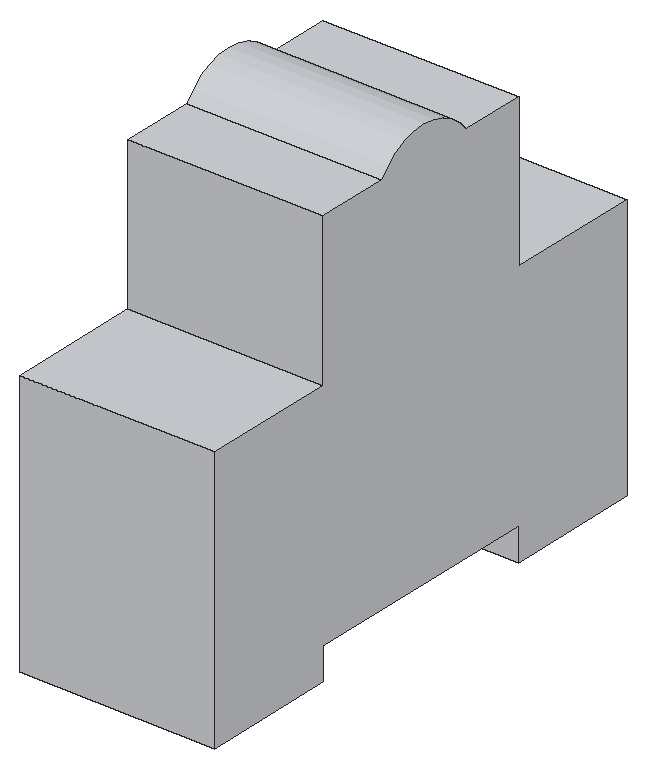
Revit family "Power-ModularDevices-GEWISS-90AM-SPD_TYPE2_1PN", category Apparecchi elettrici, host Superficie, Revit 2016
Family settings
  Host = Superficie
  Mantenere orientamento annotazione = Sì
  Tipo di parte = Normale
  Quota connettore circolare = Usa diametro
  Numero OmniClass = 23.80.50.00
  Titolo OmniClass = Terminals for Power Supply
  Taglio con vuoti quando caricato = No
  Condiviso = No
  Punto di calcolo locali = Sì
Parameters (values of type "GWD6418 - LST - SPD 1P+N 40KA AUX. T2")
  potenza in watt = 0 V
  carico = Altro
  Version file RFA = "18.0"
  URL = "https://www.gewiss.com/ww/en"
  Type: = "2"
  Type = "2"
  Technical sheet = "https://www.gewiss.com/ww/en/search?q=GWD6418"
  Spostamento_x = -340 mm
  SS [instance] = 69.967 mm
  SEO = "Limiter"
  Realized by GEWISS S.p.A. = ""
  Rated voltage AC = "230V"
  Rated voltage = "230Vac"
  Default Elevation = 1219.2 mm
  Produttore = "GEWISS S.p.A."
  Numero di poli = 1
  Spost_x_eff [instance] = 4000 mm + Spostamento_x  # 3660 mm
  Number of poles = "1P+N"
  No. of poles = "1P+N"
  No. of modules EN 50022 = "2"
  No. Chorus modules = "2"
  Modello = "GWD6418"
  Maximum discharge current: = "40KA"
  Immagine tipo = GWD6407.jpg
  IFC.TypeObject = ""
  IFC.ExportType = ""
  IFC.ExportAs = ""
  IDT = "fe1e984c-5491-4d5b-93ee-6502594b4586"
  IDF = "7729b77d-9e49-4fa8-a4b9-cbce93b88dd9"
  Electrocod = "0642"
  EAN code = "8011564774902"
  Descrizione = "LST - SPD 1P+N 40KA AUX. T2"
  Catalogue Range = "90 AM"
  Catalogue = "POWER"
  COBie.Tagnumber = ""
  COBie.CreatedOn = ""
  COBie.CreatebBy = ""
  COBie.ComponentRegisterItemID = ""
  COBie.Component.TagNumber = ""
  COBie.Component.Space = ""
  COBie.Component.SerialNumber = ""
  COBie.Component.InstallationDate = ""
  COBie.Component.Description = ""
  COBie.Component.BarCode = ""
  Barra_DIN [instance] = 0 mm
  Aux end-of-life contact = "Yes"
Types (4, lengths in mm): name | URL | Technical sheet | Produttore | Modello | Maximum discharge current: | IDT | EAN code | Descrizione | Aux end-of-life contact
  (no name) | 0 | "" | "GEWISS" | "GWD6407" | "" | "" | "" | "LST - SCARICATORE 1P+N 20kA T2" | ""
  GWD6418 - LST - SPD 1P+N 40KA AUX. T2 | "https://www.gewiss.com/ww/en" | "https://www.gewiss.com/ww/en/search?q=GWD6418" | "GEWISS S.p.A." | "GWD6418" | "40KA" | "fe1e984c-5491-4d5b-93ee-6502594b4586" | "8011564774902" | "LST - SPD 1P+N 40KA AUX. T2" | "Yes"
  GWD6417 - LST - SPD 1P+N 40KA T2 | "https://www.gewiss.com/ww/en" | "https://www.gewiss.com/ww/en/search?q=GWD6417" | "GEWISS S.p.A." | "GWD6417" | "40KA" | "6c8fea8b-931d-4a40-bb76-78510f17ab37" | "8011564774896" | "LST - SPD 1P+N 40KA T2" | "No"
  GWD6407 - LST - SPD 1P+N 20KA T2 | "https://www.gewiss.com/ww/en" | "https://www.gewiss.com/ww/en/search?q=GWD6407" | "GEWISS S.p.A." | "GWD6407" | "20KA" | "dcd9366e-522d-467e-8ce6-0e1c7afb9e4f" | "8011564774841" | "LST - SPD 1P+N 20KA T2" | "No"
Values of the unnamed type that differ from the named types
  Version file RFA = ""
  Type: = ""
  Type = ""
  SEO = ""
  Rated voltage AC = ""
  Rated voltage = ""
  Number of poles = ""
  No. of poles = ""
  No. of modules EN 50022 = ""
  No. Chorus modules = ""
  IDF = ""
  Electrocod = ""
  Catalogue Range = ""
  Catalogue = ""
Reference planes
  plane 1 "Centro (Fronte/Retro)": y = 0
  plane 2: z = 0
  plane 3 "Centro (Sinistra/Destra)": x = 0
  plane 4: z = 0
Dimensions and locks
  "Barra_DIN": host face to plane 4
  aligned and locked: plane 2 to host face
  aligned and locked: level to host face
  aligned and locked: plane 3 "Centro (Sinistra/Destra)" to nested 1
  aligned and locked: plane 1 "Centro (Fronte/Retro)" to nested 1
Automatic sketch dimensions
  host sketch curve to host sketch curve = 6519.2 mm
  host sketch curve to host sketch curve = 4328.142 mm
Nested families
  nested 1: "GENERICO - 90AM SCARICATORI LST TIPO 2 1P+N" at (0, 0, 7), type "GENERICO - 90AM SCARICATORI LST TIPO 2 1P+N"
  nested 2: "SCAR" at (0, 62.467, 0), type "SCAR"
Connectors
  electrical at (0, 47.5, 25.5)
    settings: on nested 1, index 1, voltage 230 V, apparent load 0 VA, apparent load phase1 0 VA, apparent load phase2 0 VA, apparent load phase3 0 VA, power factor 1, load classification "Altro", number of poles 1, system type 31, power factor state 1, is connector primary yes, connector utility no, sub classification motor no, connector description ""
Definition of nested family "GENERICO - 90AM SCARICATORI LST TIPO 2 1P+N"
  Parameters (values of type "GENERICO - 90AM SCARICATORI LST TIPO 2 1P+N")
    h_barra din = if(Altezza barre = 1 mm, 69.9 mm, if(Altezza barre = 2 mm, 115.8 mm, 0 mm))  # 0 mm
    Default Elevation = 1219.2 mm
    H = if(AB_O = 1, AB_V, if(AB_O = 2, AB_H, 50.8 mm))  # 50.8 mm
    Dist barra din = 0 mm  # constant formula
    C1 = 49 mm  # constant formula
    C = 70 mm  # constant formula
    B = 95 mm  # constant formula
    Altezza barre = 5 mm  # constant formula
    AB_V = 3 mm  # constant formula
    AB_H = 5 mm  # constant formula
    AB_O = 0  # constant formula
    A = 36 mm  # constant formula
  Reference planes
    plane 1 "Centro (Fronte/Retro)": y = 0
    plane 2: z = 0
    plane 3 "Centro (Sinistra/Destra)": x = 0
    plane 4: y = -47.5
    plane 5: y = 47.5
    plane 6: z = 0
    plane 7: z = -6
    plane 8 "top": z = 70
    plane 9 "incasso": z = 43
    plane 10: y = -22.5
    plane 11: y = 22.5
    plane 12: x = -18
    plane 13: x = 18
    plane 14: through (4267.2, -42.5, 9) normal (0, -0.1901, 0.9818)
    plane 15 "POSIZIONE": z = 71
    plane 16: y = 10.353
    plane 17: y = -8.889
    plane 18: through (-18, -1524, 18.5) normal (-0.891, 0, -0.454)
    plane 19: through (-36.892, 84.001, 1200) normal (0.9205, -0.3907, 0)
    plane 20: through (63.319, -123.627, 1200) normal (-0.9925, 0.1219, 0)
  Forms (mm)
    Extrusion 1, solid
      sketch origin (0, 0, 0) x (0, 1, 0) y (0, 0, 1)
        loop
          line (-22.5, 0) -> (22.5, 0) -> (22.5, -6) -> (47.5, -6) -> (47.5, 43) -> (22.5, 43) -> (22.5, 71) -> (10.353, 71)
          arc (10.353, 71) -> (0.732, 76.023) -> (-8.889, 71) r 11.726
          line (-8.889, 71) -> (-22.5, 71) -> (-22.5, 43) -> (-47.5, 43) -> (-47.5, -6) -> (-22.5, -6) -> (-22.5, 0)
      from -18 to 18
  Lines and regions (mm)
    symbolic lines
      curve 1: line (0, 0, 15) -> (0, 0, -6)
      curve 2: line (0, -22.5, 0) -> (0, 22.5, 0)
    model lines, detail levels medium+fine
      curve 3: circle (9.419, 35.762, 43) r 3.324 normal (0, 0, 1)
      curve 4: circle (-8.5, -40.632, 43) r 3.197 normal (0, 0, 1)
      curve 90: line (13.842, 14.237, 71) -> (13.842, 18.61, 71)
      curve 91: line (13.842, 18.61, 71) -> (3.658, 18.61, 71)
      curve 92: line (3.658, 18.61, 71) -> (3.658, 14.237, 71)
      curve 93: line (3.658, 14.237, 71) -> (13.842, 14.237, 71)
      curve 100: circle (-9.209, 35.762, 43) r 3.324 normal (0, 0, 1)
    model lines, detail levels fine
      curve 5: line (-14.812, -19.942, 71) -> (-14.812, -21.523, 71)
      curve 6: line (-14.812, -21.523, 71) -> (-15.342, -21.523, 71)
      curve 7: line (-15.342, -21.523, 71) -> (-15.649, -21.485, 71)
      curve 8: line (-15.649, -21.485, 71) -> (-16.025, -21.318, 71)
      curve 9: line (-16.025, -21.318, 71) -> (-16.324, -21.041, 71)
      curve 10: line (-16.324, -21.041, 71) -> (-16.521, -20.668, 71)
      curve 11: line (-16.521, -20.668, 71) -> (-16.583, -20.27, 71)
      curve 12: line (-16.583, -20.27, 71) -> (-16.523, -19.904, 71)
      curve 13: line (-16.523, -19.904, 71) -> (-16.365, -19.58, 71)
      curve 14: line (-16.365, -19.58, 71) -> (-16.08, -19.285, 71)
      curve 15: line (-16.08, -19.285, 71) -> (-15.735, -19.106, 71)
      curve 16: line (-15.735, -19.106, 71) -> (-15.347, -19.042, 71)
      curve 17: line (-15.347, -19.042, 71) -> (-14.812, -19.042, 71)
      curve 18: line (-14.812, -19.042, 71) -> (-14.812, -19.724, 71)
      curve 19: line (-14.812, -19.724, 71) -> (-15.712, -19.724, 71)
      curve 20: line (-15.712, -19.724, 71) -> (-15.712, -20.842, 71)
      curve 21: line (-15.712, -20.842, 71) -> (-15.493, -20.842, 71)
      curve 22: line (-15.493, -20.842, 71) -> (-15.493, -19.942, 71)
      curve 23: line (-15.493, -19.942, 71) -> (-14.812, -19.942, 71)
      curve 24: line (-12.672, -21.523, 71) -> (-14.594, -21.523, 71)
      curve 25: line (-14.594, -21.523, 71) -> (-14.594, -19.042, 71)
      curve 26: line (-14.594, -19.042, 71) -> (-13.572, -19.042, 71)
      curve 27: line (-13.572, -19.042, 71) -> (-13.572, -19.724, 71)
      curve 28: line (-13.572, -19.724, 71) -> (-13.913, -19.724, 71)
      curve 29: line (-13.913, -19.724, 71) -> (-13.913, -19.942, 71)
      curve 30: line (-13.913, -19.942, 71) -> (-12.672, -19.942, 71)
      curve 31: line (-12.672, -19.942, 71) -> (-12.672, -20.624, 71)
      curve 32: line (-12.672, -20.624, 71) -> (-13.913, -20.624, 71)
      curve 33: line (-13.913, -20.624, 71) -> (-13.913, -20.842, 71)
      curve 34: line (-13.913, -20.842, 71) -> (-12.672, -20.842, 71)
      curve 35: line (-12.672, -20.842, 71) -> (-12.672, -21.523, 71)
      curve 36: line (-9.196, -21.523, 71) -> (-9.196, -19.942, 71)
      curve 37: line (-9.196, -19.942, 71) -> (-9.878, -19.942, 71)
      curve 38: line (-9.878, -19.942, 71) -> (-9.878, -21.523, 71)
      curve 39: line (-9.878, -21.523, 71) -> (-9.196, -21.523, 71)
      curve 40: line (-11.48, -21.523, 71) -> (-11.275, -20.501, 71)
      curve 41: line (-11.275, -20.501, 71) -> (-11.071, -21.523, 71)
      curve 42: line (-11.071, -21.523, 71) -> (-10.389, -21.523, 71)
      curve 43: line (-10.389, -21.523, 71) -> (-9.966, -19.724, 71)
      curve 44: line (-9.966, -19.724, 71) -> (-9.196, -19.724, 71)
      curve 45: line (-9.196, -19.724, 71) -> (-9.196, -19.042, 71)
      curve 46: line (-9.196, -19.042, 71) -> (-10.505, -19.042, 71)
      curve 47: line (-10.505, -19.042, 71) -> (-10.75, -20.092, 71)
      curve 48: line (-10.75, -20.092, 71) -> (-10.921, -19.042, 71)
      curve 49: line (-10.921, -19.042, 71) -> (-11.63, -19.042, 71)
      curve 50: line (-11.63, -19.042, 71) -> (-11.8, -20.092, 71)
      curve 51: line (-11.8, -20.092, 71) -> (-12.045, -19.042, 71)
      curve 52: line (-12.045, -19.042, 71) -> (-13.354, -19.042, 71)
      curve 53: line (-13.354, -19.042, 71) -> (-13.354, -19.724, 71)
      curve 54: line (-13.354, -19.724, 71) -> (-12.584, -19.724, 71)
      curve 55: line (-12.584, -19.724, 71) -> (-12.162, -21.523, 71)
      curve 56: line (-12.162, -21.523, 71) -> (-11.48, -21.523, 71)
      curve 57: line (-7.056, -19.042, 71) -> (-8.978, -19.042, 71)
      curve 58: line (-8.978, -19.042, 71) -> (-8.978, -20.624, 71)
      curve 59: line (-8.978, -20.624, 71) -> (-7.738, -20.624, 71)
      curve 60: line (-7.738, -20.624, 71) -> (-7.738, -20.842, 71)
      curve 61: line (-7.738, -20.842, 71) -> (-8.978, -20.842, 71)
      curve 62: line (-8.978, -20.842, 71) -> (-8.978, -21.523, 71)
      curve 63: line (-8.978, -21.523, 71) -> (-7.056, -21.523, 71)
      curve 64: line (-7.056, -21.523, 71) -> (-7.056, -19.942, 71)
      curve 65: line (-7.056, -19.942, 71) -> (-8.297, -19.942, 71)
      curve 66: line (-8.297, -19.942, 71) -> (-8.297, -19.724, 71)
      curve 67: line (-8.297, -19.724, 71) -> (-7.056, -19.724, 71)
      curve 68: line (-7.056, -19.724, 71) -> (-7.056, -19.042, 71)
      curve 69: line (-6.838, -19.042, 71) -> (-6.838, -20.624, 71)
      curve 70: line (-6.838, -20.624, 71) -> (-5.681, -20.624, 71)
      curve 71: line (-5.681, -20.624, 71) -> (-5.681, -20.842, 71)
      curve 72: line (-5.681, -20.842, 71) -> (-6.838, -20.842, 71)
      curve 73: line (-6.838, -20.842, 71) -> (-6.838, -21.523, 71)
      curve 74: line (-6.838, -21.523, 71) -> (-6.156, -21.523, 71)
      curve 75: line (-6.156, -21.523, 71) -> (-5.763, -21.397, 71)
      curve 76: line (-5.763, -21.397, 71) -> (-5.509, -21.231, 71)
      curve 77: line (-5.509, -21.231, 71) -> (-5.218, -20.874, 71)
      curve 78: line (-5.218, -20.874, 71) -> (-5.083, -20.474, 71)
      curve 79: line (-5.083, -20.474, 71) -> (-5.079, -20.119, 71)
      curve 80: line (-5.079, -20.119, 71) -> (-5.116, -19.942, 71)
      curve 81: line (-5.116, -19.942, 71) -> (-6.156, -19.942, 71)
      curve 82: line (-6.156, -19.942, 71) -> (-6.156, -19.724, 71)
      curve 83: line (-6.156, -19.724, 71) -> (-5.208, -19.724, 71)
      curve 84: line (-5.208, -19.724, 71) -> (-5.332, -19.518, 71)
      curve 85: line (-5.332, -19.518, 71) -> (-5.509, -19.334, 71)
      curve 86: line (-5.509, -19.334, 71) -> (-5.756, -19.172, 71)
      curve 87: line (-5.756, -19.172, 71) -> (-6.013, -19.078, 71)
      curve 88: line (-6.013, -19.078, 71) -> (-6.303, -19.042, 71)
      curve 89: line (-6.303, -19.042, 71) -> (-6.838, -19.042, 71)
    model lines, not visible, detail levels medium+fine
      curve 94: line (5.092, 14.237, 71) -> (5.092, 18.61, 71)
      curve 95: line (5.092, 18.61, 71) -> (-5.092, 18.61, 71)
      curve 96: line (-5.092, 18.61, 71) -> (-5.092, 14.237, 71)
      curve 97: line (-5.092, 14.237, 71) -> (5.092, 14.237, 71)
    model lines
      curve 98: line (0, -8.889, 71) -> (0, -22.5, 71)
      curve 99: line (0, 22.5, 71) -> (0, 10.353, 71)
      curve 101: line (0, 47.5, 43) -> (0, 22.5, 43)
      curve 102: line (0, -22.5, 43) -> (0, -47.5, 43)
  Text (mm)
    text "AB_V" at (0, 50.868, 44.72), in view "Destra"
    text "AB_O" at (0, -80.659, 111.963), in view "Destra"
    text "AB_O" at (-90.351, 0, 31.414), in view "Anteriore"
    text "AB_V=0" at (25.467, -49.469, 0), in view "Livello rif."
  Dimensions and locks
    equal spacing: plane 4, plane 1 "Centro (Fronte/Retro)", plane 5
    "B": plane 4 to plane 5
    "Dist barra din": plane 6 to level
    locked: plane 6 to plane 7 at 6
    "C": plane 8 "top" to plane 6
    equal spacing: plane 10, plane 1 "Centro (Fronte/Retro)", plane 11
    plane 10 to plane 11 = 45 mm
    equal spacing: plane 12, plane 3 "Centro (Sinistra/Destra)", plane 13
    "A": plane 12 to plane 13
    "C1": plane 9 "incasso" to plane 7
    locked: plane 15 "POSIZIONE" to plane 9 "incasso" at 28
    angle level to plane 14 = 10.9557°
    angle plane 4 to plane 8 "top" = 90.00°
    angle plane 15 "POSIZIONE" to plane 13 = 90.00°
    angle plane 7 to plane 18 = 117.00°
    angle plane 19 to plane 20 = 16.00°
    angle plane 20 to plane 13 = 7.00°
    aligned and locked: level to plane 2
    aligned and locked: Extrusion 1 sketch curve to plane 6
    aligned and locked: Extrusion 1 sketch curve to plane 7
    aligned and locked: Extrusion 1 sketch curve to plane 4
    aligned and locked: Extrusion 1 sketch curve to plane 9 "incasso"  (x2)
    aligned and locked: Extrusion 1 sketch curve to plane 11  (x2)
    aligned and locked: Extrusion 1 sketch curve to plane 5
    aligned and locked: Extrusion 1 sketch curve to plane 10  (x2)
    aligned and locked: plane 1 "Centro (Fronte/Retro)" to curve 1
    aligned and locked: Extrusion 1 to plane 6
    aligned and locked: Extrusion 1 to plane 12
    aligned and locked: plane 13 to Extrusion 1
    aligned and locked: plane 15 "POSIZIONE" to Extrusion 1 sketch curve
    aligned and locked: Extrusion 1 sketch curve to plane 15 "POSIZIONE"
    aligned and locked: plane 17 to Extrusion 1 sketch curve
    aligned and locked: plane 16 to Extrusion 1 sketch curve
  Automatic sketch dimensions
    Extrusion 1 sketch curve to plane 7 = 0 mm
    plane 15 "POSIZIONE" to Extrusion 1 sketch curve = 6.703 mm
    curve 2 to level = 0 mm
    curve 2 to plane 10 = 0 mm
    curve 2 to plane 11 = 0 mm
    curve 1 to plane 7 = 0 mm
    level to curve 1 = 15 mm
    curve 98 to plane 3 "Centro (Sinistra/Destra)" = 0 mm
    curve 99 to plane 3 "Centro (Sinistra/Destra)" = 0 mm
    curve 98 to plane 10 = 0 mm
    plane 17 to curve 98 = 0 mm
    plane 16 to curve 99 = 0 mm
    curve 99 to plane 11 = 0 mm
    plane 10 to curve 79 = 2.381 mm
    curve 79 to plane 3 "Centro (Sinistra/Destra)" = 5.079 mm
    plane 10 to curve 79 = 2.026 mm
    curve 79 to curve 79 = 0.004 mm
    curve 81 to curve 79 = 0.037 mm
    curve 84 to curve 80 = 0.093 mm
    plane 10 to curve 77 = 1.626 mm
    curve 77 to curve 78 = 0.135 mm
    curve 85 to curve 83 = 0.123 mm
    plane 10 to curve 76 = 1.269 mm
    curve 76 to curve 77 = 0.291 mm
    curve 85 to curve 84 = 0.177 mm
    curve 71 to curve 77 = 0.463 mm
    curve 86 to curve 85 = 0.247 mm
    plane 10 to curve 76 = 1.103 mm
    curve 76 to curve 76 = 0.254 mm
    curve 87 to curve 86 = 0.258 mm
    curve 81 to curve 70 = 0.475 mm
    plane 10 to curve 75 = 0.977 mm
    curve 75 to curve 75 = 0.394 mm
    curve 88 to curve 87 = 0.29 mm
    curve 72 to curve 74 = 0.682 mm
    curve 89 to curve 88 = 0.535 mm
    curve 68 to curve 69 = 0.218 mm
    curve 65 to curve 67 = 0 mm
    curve 60 to curve 72 = 0.9 mm
    curve 67 to curve 59 = 0.559 mm
    curve 61 to curve 65 = 0.682 mm
    curve 59 to curve 61 = 0 mm
    curve 36 to curve 62 = 0.218 mm
    curve 46 to curve 57 = 0.218 mm
    curve 37 to curve 36 = 0.682 mm
    plane 10 to curve 43 = 2.776 mm
    curve 43 to curve 37 = 0.089 mm
    plane 10 to curve 43 = 0.977 mm
    curve 43 to curve 38 = 0.511 mm
    plane 10 to curve 47 = 3.458 mm
    curve 47 to curve 43 = 0.538 mm
    plane 10 to curve 48 = 2.408 mm
    curve 48 to curve 43 = 0.784 mm
    plane 10 to curve 48 = 3.458 mm
    curve 48 to curve 46 = 0.416 mm
    curve 42 to curve 42 = 0.682 mm
    plane 10 to curve 41 = 1.999 mm
    curve 41 to curve 47 = 0.525 mm
    curve 56 to curve 41 = 0.409 mm
    curve 49 to curve 48 = 0.709 mm
    plane 10 to curve 50 = 2.408 mm
    curve 50 to curve 40 = 0.525 mm
    curve 52 to curve 49 = 0.416 mm
    curve 56 to curve 40 = 0.682 mm
    curve 55 to curve 50 = 0.784 mm
    curve 24 to curve 55 = 0.51 mm
    curve 32 to curve 34 = 0 mm
    curve 53 to curve 30 = 0.681 mm
    curve 28 to curve 53 = 0.218 mm
    curve 33 to curve 27 = 0.341 mm
    curve 30 to curve 27 = 0.341 mm
    curve 25 to curve 28 = 0.681 mm
    curve 23 to curve 29 = 0.899 mm
    curve 18 to curve 25 = 0.218 mm
    curve 6 to curve 5 = 0.53 mm
    curve 17 to curve 17 = 0.535 mm
    curve 21 to curve 6 = 0.151 mm
    plane 10 to curve 8 = 1.015 mm
    curve 8 to curve 6 = 0.307 mm
    curve 19 to curve 22 = 0.219 mm
    curve 15 to curve 16 = 0.388 mm
    curve 9 to curve 7 = 0.376 mm
    curve 14 to curve 15 = 0.345 mm
    curve 10 to curve 8 = 0.298 mm
    curve 13 to curve 14 = 0.285 mm
    curve 11 to curve 9 = 0.198 mm
    curve 12 to curve 13 = 0.159 mm
    curve 12 to curve 12 = 0.059 mm
    plane 10 to curve 56 = 0.977 mm
    plane 10 to curve 39 = 0.977 mm
    curve 35 to curve 55 = 0 mm
    curve 36 to curve 62 = 0 mm
    curve 24 to curve 5 = 0 mm
    curve 7 to curve 9 = 0.166 mm
    curve 8 to curve 10 = 0.277 mm
    curve 8 to curve 21 = 0.477 mm
    curve 76 to curve 71 = 0.39 mm
    curve 62 to curve 62 = 0.682 mm
    curve 24 to curve 35 = 0.682 mm
    curve 9 to curve 11 = 0.373 mm
    curve 33 to curve 33 = 0.218 mm
    curve 61 to curve 59 = 0.218 mm
    curve 71 to curve 71 = 0.218 mm
    curve 10 to curve 12 = 0.398 mm
    curve 21 to curve 5 = 0.9 mm
    curve 69 to curve 65 = 0.682 mm
    curve 70 to curve 81 = 0.682 mm
    curve 36 to curve 44 = 0.218 mm
    curve 32 to curve 29 = 0.682 mm
    curve 11 to curve 13 = 0.367 mm
    curve 22 to curve 20 = 0.218 mm
    curve 29 to curve 53 = 0.218 mm
    curve 81 to curve 82 = 0.218 mm
    curve 64 to curve 68 = 0.218 mm
    curve 53 to curve 27 = 0 mm
    curve 12 to curve 13 = 0.323 mm
    curve 83 to curve 84 = 0.206 mm
    curve 84 to curve 85 = 0.184 mm
    curve 13 to curve 15 = 0.295 mm
    curve 85 to curve 87 = 0.162 mm
    curve 14 to curve 15 = 0.179 mm
    curve 86 to curve 87 = 0.094 mm
    curve 15 to curve 16 = 0.064 mm
    curve 53 to curve 53 = 0.682 mm
    curve 67 to curve 57 = 0.682 mm
    curve 17 to curve 25 = 0 mm
    curve 57 to curve 69 = 0 mm
    curve 101 to plane 3 "Centro (Sinistra/Destra)" = 0 mm
    curve 101 to plane 5 = 0 mm
    curve 101 to plane 11 = 0 mm
    curve 102 to plane 3 "Centro (Sinistra/Destra)" = 0 mm
    curve 102 to plane 10 = 0 mm
    curve 102 to plane 4 = 0 mm
    curve 100 to plane 5 = 11.738 mm
    curve 3 to plane 5 = 11.738 mm
    plane 4 to curve 4 = 6.868 mm
    plane 12 to curve 100 = 8.791 mm
    curve 4 to plane 3 "Centro (Sinistra/Destra)" = 8.5 mm
    curve 3 to plane 13 = 8.581 mm
    curve 91 to curve 91 = 10.184 mm
    curve 92 to curve 92 = 4.373 mm
    curve 95 to curve 95 = 10.184 mm
    curve 96 to curve 96 = 4.373 mm
    radius of curve 3 = 3.324 mm
    radius of curve 4 = 3.197 mm
    radius of curve 100 = 3.324 mm
Definition of nested family "SCAR"
  Reference planes
    plane 1: y = 0
    plane 2: x = 0
  Lines and regions (mm)
    detail lines
      curve 1: line (0, 0, 0) -> (-0.001, 3.334, 0)
      curve 2: line (0.277, 3.334, 0) -> (-0.278, 3.334, 0)
      curve 3: line (-0.278, 3.334, 0) -> (-0.001, 4.223, 0)
      curve 4: line (-0.001, 4.223, 0) -> (0.277, 3.334, 0)
      curve 5: line (0.277, 3.334, 0) -> (-0.001, 4.223, 0)
      curve 6: line (-0.001, 4.223, 0) -> (-0.278, 3.334, 0)
      curve 7: line (-0.278, 3.334, 0) -> (0.277, 3.334, 0)
      curve 8: line (0.277, 3.334, 0) -> (-0.001, 4.223, 0)
      curve 9: line (-0.001, 4.223, 0) -> (-0.278, 3.334, 0)
      curve 10: line (-0.445, 4.612, 0) -> (0.444, 4.612, 0)
      curve 11: line (0.444, 4.612, 0) -> (0.444, 2.39, 0)
      curve 12: line (0.444, 2.39, 0) -> (-0.445, 2.389, 0)
      curve 13: line (-0.445, 2.389, 0) -> (-0.445, 4.612, 0)
    detail lines, not visible
      curve 14: line (0, 0, 0) -> (-0.001, 3.334, 0)
      curve 15: line (0.277, 3.334, 0) -> (-0.278, 3.334, 0)
      curve 16: line (-0.278, 3.334, 0) -> (-0.001, 4.223, 0)
      curve 17: line (-0.001, 4.223, 0) -> (0.277, 3.334, 0)
      curve 18: line (0.277, 3.334, 0) -> (-0.001, 4.223, 0)
      curve 19: line (-0.001, 4.223, 0) -> (-0.278, 3.334, 0)
      curve 20: line (-0.278, 3.334, 0) -> (0.277, 3.334, 0)
      curve 21: line (0.277, 3.334, 0) -> (-0.001, 4.223, 0)
      curve 22: line (-0.001, 4.223, 0) -> (-0.278, 3.334, 0)
      curve 23: line (-0.445, 4.612, 0) -> (0.444, 4.612, 0)
      curve 24: line (0.444, 4.612, 0) -> (0.444, 2.39, 0)
      curve 25: line (0.444, 2.39, 0) -> (-0.445, 2.389, 0)
      curve 26: line (-0.445, 2.389, 0) -> (-0.445, 4.612, 0)
  Dimensions and locks
    aligned and locked: plane 1 to curve 1
